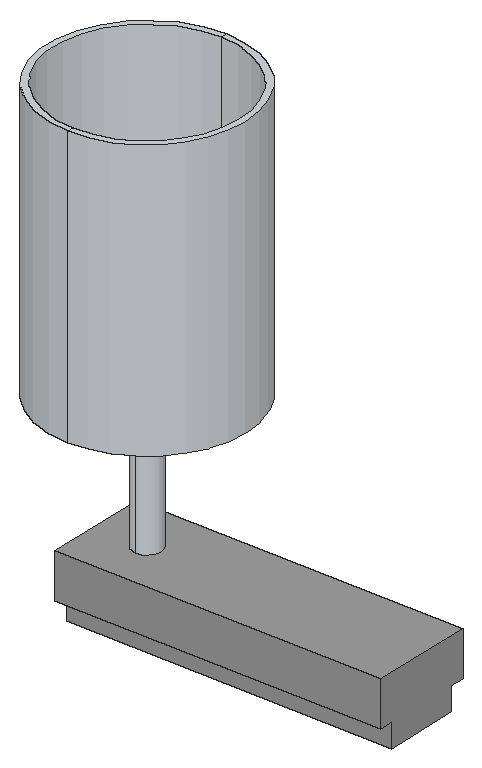
Revit family "Alcon - 15100_Large Spot-Linear", category Generic Models, host Face, Revit 2025
Family settings
  Host = Face
  Can host rebar = No
  Round Connector Dimension = Use Diameter
  Part Type = Normal
  Cut with Voids When Loaded = No
  Maintain Annotation Orientation = No
  Shared = No
  Room Calculation Point = No
Parameters
  HOUSING = Default
  Fixture Rotation = 90.00°
  Default Elevation = 4' - 0"
Reference planes (in)
  plane 1 "Center (Front/Back)": y = 0
  plane 2: z = 0
  plane 3 "Center (Left/Right)": x = 0
Forms (in)
  Extrusion 1, solid, material "Default" <- "HOUSING"
    sketch origin (-0.64495, -6.99033, 6.35123) x (0, -1, 0) y (0, 0, -1)
      loop
        line (-6.34033, 5.36282) -> (-6.34033, 5.93211) -> (-6.51937, 5.93211) -> (-6.51937, 6.23212) -> (-7.46129, 6.23212) -> (-7.46129, 5.93211) -> (-7.64033, 5.93211) -> (-7.64033, 5.36282) -> (-6.34033, 5.36282)
    from 0 to 4.13
  Extrusion 2, solid
    sketch origin (-0.64495, -0.65, 0.98841) x (0, 1, 0) y (-1, 0, 0)
      loop
        circle (0.65, -0.64495) r 0.17498
    from 0 to 2.23276
Lines and regions (in)
  reference lines
    curve 1: line (0, -2.06467, 3.11287) -> (0, 2.25, 3.11287)
Dimensions and locks (in)
  "Fixture Rotation": angle nested 1 to curve 1
  aligned and locked: plane 2 to host face
  aligned and locked: level to host face
Automatic sketch dimensions
  host sketch curve to host sketch curve = 8' - 0"  (x2)
  Extrusion 1 sketch curve to plane 1 "Center (Front/Back)" = 0' - 0.65"
  level to Extrusion 1 sketch curve = 0' - 0.11911"
  Extrusion 1 sketch curve to Extrusion 1 sketch curve = 0' - 0.17904"  (x2)
  plane 1 "Center (Front/Back)" to Extrusion 1 sketch curve = 0' - 0.47096"
  Extrusion 1 sketch curve to Extrusion 1 sketch curve = 0' - 0.30001"  (x2)
  Extrusion 1 sketch curve to Extrusion 1 sketch curve = 0' - 0.56929"
  Extrusion 2 sketch curve to Extrusion 1 = 0' - 0.65"
  Extrusion 1 to Extrusion 2 sketch curve = 0' - 0.64495"
  plane 1 "Center (Front/Back)" to curve 1 = 0' - 2.06467"
  level to curve 1 = 0' - 3.11287"
  curve 1 to plane 1 "Center (Front/Back)" = 0' - 2 1/4"
  radius of Extrusion 2 sketch curve = 0' - 0.17498"
Nested families (in)
  nested 1: "Alcon - 15100_Large Spot-Linear_Cylider" at (0, 0, 3.11287) x (0, 0, -1) z (1, 0, 0), type "Alcon - 15100_Large Spot-Linear_Cylider"
    with built-in parameter 1001306 0.082368 (stored number, unit not read)
Definition of nested family "Alcon - 15100_Large Spot-Linear_Cylider"
  Parameters (values of type "Alcon - 15100_Large Spot-Linear_Cylider")
    Wattage = 9.2903 W
    built-in parameter 1150110 = 1 (stored number, unit not read)
    built-in parameter 1114217 = 1 (stored number, unit not read)
    Tilt Angle = 60.00°
    built-in parameter 1150109 = 1 (stored number, unit not read)
    built-in parameter 1150134 = 3
    built-in parameter 1150113 = 1 (stored number, unit not read)
    built-in parameter 1010507 = 1.5708 (stored number, unit not read)
    built-in parameter 1010506 = 0.5236 (stored number, unit not read)
    built-in parameter 1150105 = 4614.1 (stored number, unit not read)
    Lumens = 1380 lm
    built-in parameter 1150115 = 1 (stored number, unit not read)
    Light Source Symbol Length = 10' - 0"
    built-in parameter 1150137 = (empty or 0)
    built-in parameter 1150139 = (empty or 0)
    built-in parameter 1001306 [instance] = 4' - 0"
    built-in parameter 1150112 = 1 (stored number, unit not read)
    built-in parameter 1150114 = 1 (stored number, unit not read)
    built-in parameter 1150132 = (empty or 0)
    built-in parameter 1150102 = (empty or 0)
    built-in parameter 1150107 = 3200 (stored number, unit not read)
    built-in parameter 1150138 = (empty or 0)
    built-in parameter 1150106 = 46.141 (stored number, unit not read)
    Housing = none
    built-in parameter 1150104 = 13.8 (stored number, unit not read)
    Dimming Lamp Color Temperature Shift = (empty or 0)
    Default Elevation = 0' - 0"
    Color Filter = 16777215
    built-in parameter 1114218 = 1 (stored number, unit not read)
    built-in parameter 1150133 = 10 (stored number, unit not read)
  Reference planes (in)
    plane 1 "Center (Front/Back)": y = 0
    plane 2: z = 0
    plane 3 "Left": x = 0
    plane 4 "Right": x = 48
  Forms (in)
    Revolve 1, solid, material <- "Housing"
      sketch origin (-3.14623, 0, 0) x (1, 0, 0) y (0, 1, 0)
        loop
          line (0, 1.26) -> (0, 1.17797) -> (1.66299, 1.17797) -> (1.66299, 0) -> (3.54, 0) -> (3.54, 1.26) -> (0, 1.26)
        axis (0, 0) -> (3.54, 0)
      angle from 0 to 360
    Extrusion 2, void
      sketch origin (0, 0, -0.02749) x (1, 0, 0) y (0, 0, 1)
        loop
          line (-0.159, 0.22116) -> (-0.159, -0.16617) -> (0.39377, -0.16617) -> (0.39377, 0.22116) -> (-0.159, 0.22116)
      from 0.26773 to -1.31381
  Cuts and joins
    Extrusion 2 cuts Revolve 1
  Lines and regions (in)
    reference lines
      curve 1: line (0, 0, 0) -> (48, 0, 0)
    model lines
      curve 2: line (0, 0, 0) -> (-14.65601, 0, 0)
  Dimensions and locks (in)
    "built-in parameter 1001306": plane 3 "Left" to plane 4 "Right"
    aligned and locked: plane 4 "Right" to curve 1
    aligned and locked: plane 1 "Center (Front/Back)" to curve 1
    aligned and locked: plane 3 "Left" to curve 1
    aligned and locked: level to plane 2
  Automatic sketch dimensions
    plane 1 "Center (Front/Back)" to curve 2 = 0' - 0"
    curve 2 to plane 3 "Left" = 0' - 0"
    curve 2 to curve 2 = 1' - 2.65601"
    Extrusion 2 sketch curve to plane 3 "Left" = 0' - 0.159"
    Extrusion 2 sketch curve to level = 0' - 0.19366"
    plane 3 "Left" to Extrusion 2 sketch curve = 0' - 0.39377"
    level to Extrusion 2 sketch curve = 0' - 0.19366"
    plane 1 "Center (Front/Back)" to Revolve 1 sketch curve = 0' - 0"  (x2)
    Revolve 1 sketch curve to plane 1 "Center (Front/Back)" = 0' - 1.26"
    Revolve 1 sketch curve to plane 3 "Left" = 0' - 3.14623"
    Revolve 1 sketch curve to plane 3 "Left" = 0' - 1.48324"
    plane 3 "Left" to Revolve 1 sketch curve = 0' - 0.39377"
    Revolve 1 sketch curve to Revolve 1 sketch curve = 0' - 0 21/256"
    Revolve 1 sketch curve to Revolve 1 sketch curve = 0' - 0.14768"
    Revolve 1 sketch curve to Revolve 1 sketch curve = 0' - 0.23469"
